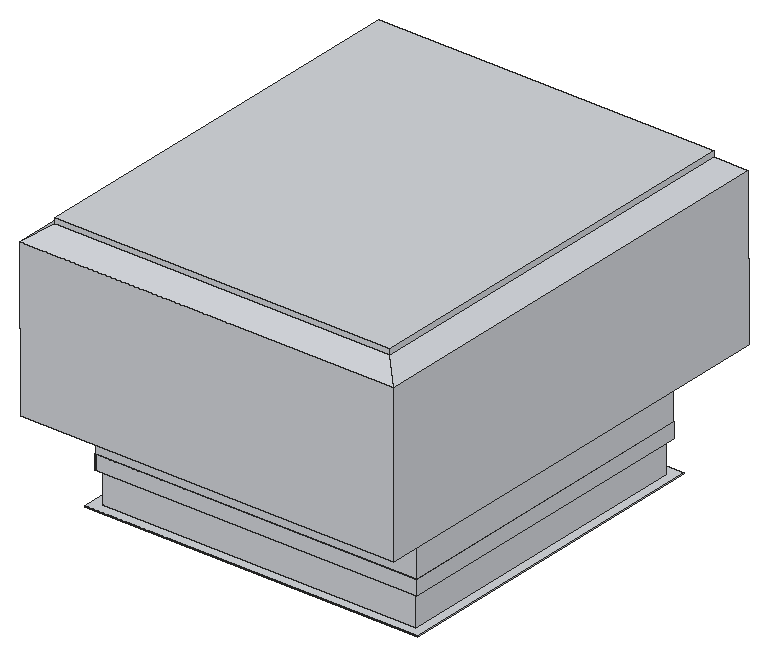
Revit family "TLC-B", category Mechanical Equipment, Revit 2019
Family settings
  Round Connector Dimension = Use Diameter
  Part Type = Normal
  Work Plane-Based = No
  Always vertical = Yes
  Cut with Voids When Loaded = No
  Shared = No
  Room Calculation Point = No
Parameters (values of type "540_TLC-B")
  Unit Weight [instance] = ""
  Sones [instance] = ""
  RO/2 = RO / 2  # 2' - 6 3/4"
  Motor RPM [instance] = ""
  Motor Enclosure [instance] = ""
  ModelID [instance] = ""
  LwA [instance] = ""
  CURB_HEIGHT [instance] = 0' - 9 1/2"
  CURB [instance] = yes
  C/2 = C / 2  # 3' - 2 1/2"
  D/2 = D / 2  # 3' - 9 5/8"
  RO = T_SQ - 0' 4 1/2"  # 5' - 1 1/2"
  T_SQ/2 = T_SQ / 2  # 2' - 9"
  Fan RPM [instance] = ""
  T_SQ = 5' - 6"
  C = 6' - 5"
  D = 7' - 7 1/4"
  B/2 = B / 2  # 0' - 6 13/16"
  B = 1' - 1 5/8"
  Brake Hp [instance] = ""
  G/2 = G / 2  # 0' - 1 1/2"
  G-.125" = G - 0' 0 1/8"  # 0' - 2 7/8"
  B-G = B - G  # 0' - 10 5/8"
  Accessories [instance] = ""
  A-B = A - B  # 3' - 0 1/8"
  G = 0' - 3"
  A/2 = A / 2  # 2' - 0 7/8"
  A-1.5" = A - 0' 1 1/2"  # 4' - 0 1/4"
  A = 4' - 1 3/4"
  4" = 0' - 4"  # constant formula
  2' = 2' - 0"
  2" = 0' - 2"  # constant formula
  1" = 0' - 1"  # constant formula
  0 = 0' - 0"  # constant formula
  Voltage [instance] = 0 V
  URL = "www.lorencook.com"
  Type Comments = "Tiered Low-Contour Downblast Centrifugal Exhauswt Ventilator Roof Mounted/Belt Drive"  # constant formula
  Static Pressure [instance] = 0.00 in-wg
  Power [instance] = Voltage * Motor FLA * sqrt(if(Phase = 3, 3, 1))  # 0 VA
  Phase [instance] = 0
  Number of Poles [instance] = 1
  Motor Hp [instance] = "0"
  Motor FLA [instance] = 0 A
  Model = "TLC-B"  # constant formula
  Manufacturer = "Loren Cook Company"
  CFM [instance] = 0 CFM
  1.5 = 0' - 1 1/2"  # constant formula
  ONE EIGTH = 0' - 0 1/8"  # constant formula
  -D/2 = -D / 2  # -3' - 9 5/8"
  -(B/2) = -(B / 2)  # -0' - 6 13/16"
  -(A/2) = -(A / 2)  # -2' - 0 7/8"
  (T_SQ/2)-2" = (T_SQ / 2) - 0' 2"  # 2' - 7"
  (T_SQ/2)+.125" = (T_SQ / 2) + 0' 0 1/8"  # 2' - 9 1/8"
  (A-B)/2 = (A - B) / 2  # 1' - 6 1/16"
Types (19): name | RO/2 | CURB | C/2 | D/2 | RO | T_SQ/2 | T_SQ | C | D | B/2 | B | G/2 | G-.125" | B-G | A-B | G | A/2 | A-1.5" | A | -D/2 | -(B/2) | -(A/2) | (T_SQ/2)-2" | (T_SQ/2)+.125" | (A-B)/2
  (no name) | 2' - 6 3/4" | yes | 3' - 2 1/2" | 3' - 9 5/8" | 5' - 1 1/2" | 2' - 9" | 5' - 6" | 6' - 5" | 7' - 7 1/4" | 0' - 6 13/16" | 1' - 1 5/8" | 0' - 1 1/2" | 0' - 2 7/8" | 0' - 10 5/8" | 3' - 0 1/8" | 0' - 3" | 2' - 0 7/8" | 4' - 0 1/4" | 4' - 1 3/4" | -3' - 9 5/8" | -0' - 6 13/16" | -2' - 0 7/8" | 2' - 7" | 2' - 9 1/8" | 1' - 6 1/16"
  100_TLC-B | 0' - 6 3/4" | yes | 1' - 1 3/4" | 1' - 6 1/8" | 1' - 1 1/2" | 0' - 9" | 1' - 6" | 2' - 3 1/2" | 3' - 0 1/4" | 0' - 2 5/8" | 0' - 5 1/4" | 0' - 1" | 0' - 1 7/8" | 0' - 3 1/4" | 1' - 0 5/8" | 0' - 2" | 0' - 8 15/16" | 1' - 4 3/8" | 1' - 5 7/8" | -1' - 6 1/8" | -0' - 2 5/8" | -0' - 8 15/16" | 0' - 7" | 0' - 9 1/8" | 0' - 6 5/16"
  120_TLC-B | 0' - 7 3/4" | yes | 1' - 2 3/4" | 1' - 6 5/8" | 1' - 3 1/2" | 0' - 10" | 1' - 8" | 2' - 5 1/2" | 3' - 1 1/4" | 0' - 2 15/16" | 0' - 5 7/8" | 0' - 1" | 0' - 1 7/8" | 0' - 3 7/8" | 1' - 4 5/8" | 0' - 2" | 0' - 11 1/4" | 1' - 9" | 1' - 10 1/2" | -1' - 6 5/8" | -0' - 2 15/16" | -0' - 11 1/4" | 0' - 8" | 0' - 10 1/8" | 0' - 8 5/16"
  135_TLC-B | 0' - 7 3/4" | yes | 1' - 2 3/4" | 1' - 6 5/8" | 1' - 3 1/2" | 0' - 10" | 1' - 8" | 2' - 5 1/2" | 3' - 1 1/4" | 0' - 2 15/16" | 0' - 5 7/8" | 0' - 1" | 0' - 1 7/8" | 0' - 3 7/8" | 1' - 4 7/8" | 0' - 2" | 0' - 11 3/8" | 1' - 9 1/4" | 1' - 10 3/4" | -1' - 6 5/8" | -0' - 2 15/16" | -0' - 11 3/8" | 0' - 8" | 0' - 10 1/8" | 0' - 8 7/16"
  150_TLC-B | 0' - 9 3/4" | yes | 1' - 4 3/4" | 1' - 9 1/8" | 1' - 7 1/2" | 1' - 0" | 2' - 0" | 2' - 9 1/2" | 3' - 6 1/4" | 0' - 3 11/16" | 0' - 7 3/8" | 0' - 1" | 0' - 1 7/8" | 0' - 5 3/8" | 1' - 4 1/2" | 0' - 2" | 0' - 11 15/16" | 1' - 10 3/8" | 1' - 11 7/8" | -1' - 9 1/8" | -0' - 3 11/16" | -0' - 11 15/16" | 0' - 10" | 1' - 0 1/8" | 0' - 8 1/4"
  165_TLC-B | 0' - 9 3/4" | yes | 1' - 4 3/4" | 1' - 9 1/8" | 1' - 7 1/2" | 1' - 0" | 2' - 0" | 2' - 9 1/2" | 3' - 6 1/4" | 0' - 3 11/16" | 0' - 7 3/8" | 0' - 1" | 0' - 1 7/8" | 0' - 5 3/8" | 1' - 4 5/8" | 0' - 2" | 1' - 0" | 1' - 10 1/2" | 2' - 0" | -1' - 9 1/8" | -0' - 3 11/16" | -1' - 0" | 0' - 10" | 1' - 0 1/8" | 0' - 8 5/16"
  180_TLC-B | 1' - 0 3/4" | yes | 1' - 7 13/16" | 2' - 1 3/4" | 2' - 1 1/2" | 1' - 3" | 2' - 6" | 3' - 3 5/8" | 4' - 3 1/2" | 0' - 4 1/8" | 0' - 8 1/4" | 0' - 1 1/2" | 0' - 2 7/8" | 0' - 5 1/4" | 1' - 8 1/8" | 0' - 3" | 1' - 2 3/16" | 2' - 2 7/8" | 2' - 4 3/8" | -2' - 1 3/4" | -0' - 4 1/8" | -1' - 2 3/16" | 1' - 1" | 1' - 3 1/8" | 0' - 10 1/16"
  195_TLC-B | 1' - 0 3/4" | yes | 1' - 7 13/16" | 2' - 1 3/4" | 2' - 1 1/2" | 1' - 3" | 2' - 6" | 3' - 3 5/8" | 4' - 3 1/2" | 0' - 4 5/8" | 0' - 9 1/4" | 0' - 1 1/2" | 0' - 2 7/8" | 0' - 6 1/4" | 1' - 7 7/8" | 0' - 3" | 1' - 2 9/16" | 2' - 3 5/8" | 2' - 5 1/8" | -2' - 1 3/4" | -0' - 4 5/8" | -1' - 2 9/16" | 1' - 1" | 1' - 3 1/8" | 0' - 9 15/16"
  210_TLC-B | 1' - 0 3/4" | yes | 1' - 7 13/16" | 2' - 1 3/4" | 2' - 1 1/2" | 1' - 3" | 2' - 6" | 3' - 3 5/8" | 4' - 3 1/2" | 0' - 4 5/8" | 0' - 9 1/4" | 0' - 1 1/2" | 0' - 2 7/8" | 0' - 6 1/4" | 1' - 8 1/8" | 0' - 3" | 1' - 2 11/16" | 2' - 3 7/8" | 2' - 5 3/8" | -2' - 1 3/4" | -0' - 4 5/8" | -1' - 2 11/16" | 1' - 1" | 1' - 3 1/8" | 0' - 10 1/16"
  225_TLC-B | 1' - 0 3/4" | yes | 1' - 7 13/16" | 2' - 1 3/4" | 2' - 1 1/2" | 1' - 3" | 2' - 6" | 3' - 3 5/8" | 4' - 3 1/2" | 0' - 5" | 0' - 10" | 0' - 1 1/2" | 0' - 2 7/8" | 0' - 7" | 1' - 8 1/8" | 0' - 3" | 1' - 3 1/16" | 2' - 4 5/8" | 2' - 6 1/8" | -2' - 1 3/4" | -0' - 5" | -1' - 3 1/16" | 1' - 1" | 1' - 3 1/8" | 0' - 10 1/16"
  245_TLC-B | 1' - 0 3/4" | yes | 1' - 7 13/16" | 2' - 1 3/4" | 2' - 1 1/2" | 1' - 3" | 2' - 6" | 3' - 3 5/8" | 4' - 3 1/2" | 0' - 5 5/16" | 0' - 10 5/8" | 0' - 1 1/2" | 0' - 2 7/8" | 0' - 7 5/8" | 1' - 8 1/8" | 0' - 3" | 1' - 3 3/8" | 2' - 5 1/4" | 2' - 6 3/4" | -2' - 1 3/4" | -0' - 5 5/16" | -1' - 3 3/8" | 1' - 1" | 1' - 3 1/8" | 0' - 10 1/16"
  270_TLC-B | 1' - 3 3/4" | yes | 1' - 10 15/16" | 2' - 6 1/8" | 2' - 7 1/2" | 1' - 6" | 3' - 0" | 3' - 9 7/8" | 5' - 0 1/4" | 0' - 5 1/2" | 0' - 11" | 0' - 1 1/2" | 0' - 2 7/8" | 0' - 8" | 1' - 11 5/8" | 0' - 3" | 1' - 5 5/16" | 2' - 9 1/8" | 2' - 10 5/8" | -2' - 6 1/8" | -0' - 5 1/2" | -1' - 5 5/16" | 1' - 4" | 1' - 6 1/8" | 0' - 11 13/16"
  300_TLC-B | 1' - 3 3/4" | no | 1' - 10 15/16" | 2' - 6 1/8" | 2' - 7 1/2" | 1' - 6" | 3' - 0" | 3' - 9 7/8" | 5' - 0 1/4" | 0' - 6 1/16" | 1' - 0 1/8" | 0' - 1 1/2" | 0' - 2 7/8" | 0' - 9 1/8" | 1' - 11 5/8" | 0' - 3" | 1' - 5 7/8" | 2' - 10 1/4" | 2' - 11 3/4" | -2' - 6 1/8" | -0' - 6 1/16" | -1' - 5 7/8" | 1' - 4" | 1' - 6 1/8" | 0' - 11 13/16"
  330_TLC-B | 1' - 6 3/4" | yes | 2' - 2 1/2" | 2' - 9 1/8" | 3' - 1 1/2" | 1' - 9" | 3' - 6" | 4' - 5" | 5' - 6 1/4" | 0' - 6 9/16" | 1' - 1 1/8" | 0' - 1 1/2" | 0' - 2 7/8" | 0' - 10 1/8" | 2' - 3 1/8" | 0' - 3" | 1' - 8 1/8" | 3' - 2 3/4" | 3' - 4 1/4" | -2' - 9 1/8" | -0' - 6 9/16" | -1' - 8 1/8" | 1' - 7" | 1' - 9 1/8" | 1' - 1 9/16"
  365_TLC-B | 1' - 6 3/4" | yes | 2' - 2 1/2" | 2' - 9 1/8" | 3' - 1 1/2" | 1' - 9" | 3' - 6" | 4' - 5" | 5' - 6 1/4" | 0' - 7" | 1' - 2" | 0' - 1 1/2" | 0' - 2 7/8" | 0' - 11" | 2' - 3 1/8" | 0' - 3" | 1' - 8 9/16" | 3' - 3 5/8" | 3' - 5 1/8" | -2' - 9 1/8" | -0' - 7" | -1' - 8 9/16" | 1' - 7" | 1' - 9 1/8" | 1' - 1 9/16"
  402_TLC-B | 1' - 9 3/4" | yes | 2' - 5 1/2" | 3' - 0 5/8" | 3' - 7 1/2" | 2' - 0" | 4' - 0" | 4' - 11" | 6' - 1 1/4" | 0' - 7 1/8" | 1' - 2 1/4" | 0' - 1 1/2" | 0' - 2 7/8" | 0' - 11 1/4" | 2' - 10 1/8" | 0' - 3" | 2' - 0 3/16" | 3' - 10 7/8" | 4' - 0 3/8" | -3' - 0 5/8" | -0' - 7 1/8" | -2' - 0 3/16" | 1' - 10" | 2' - 0 1/8" | 1' - 5 1/16"
  445_TLC-B | 2' - 0 3/4" | yes | 2' - 8 1/2" | 3' - 3 5/8" | 4' - 1 1/2" | 2' - 3" | 4' - 6" | 5' - 5" | 6' - 7 1/4" | 0' - 8 1/4" | 1' - 4 1/2" | 0' - 1 1/2" | 0' - 2 7/8" | 1' - 1 1/2" | 2' - 9 1/8" | 0' - 3" | 2' - 0 13/16" | 4' - 0 1/8" | 4' - 1 5/8" | -3' - 3 5/8" | -0' - 8 1/4" | -2' - 0 13/16" | 2' - 1" | 2' - 3 1/8" | 1' - 4 9/16"
  490_TLC-B | 2' - 0 3/4" | yes | 2' - 8 1/2" | 3' - 3 5/8" | 4' - 1 1/2" | 2' - 3" | 4' - 6" | 5' - 5" | 6' - 7 1/4" | 0' - 9" | 1' - 6" | 0' - 1 1/2" | 0' - 2 7/8" | 1' - 3" | 2' - 9 1/8" | 0' - 3" | 2' - 1 9/16" | 4' - 1 5/8" | 4' - 3 1/8" | -3' - 3 5/8" | -0' - 9" | -2' - 1 9/16" | 2' - 1" | 2' - 3 1/8" | 1' - 4 9/16"
  540_TLC-B | 2' - 6 3/4" | yes | 3' - 2 1/2" | 3' - 9 5/8" | 5' - 1 1/2" | 2' - 9" | 5' - 6" | 6' - 5" | 7' - 7 1/4" | 0' - 6 13/16" | 1' - 1 5/8" | 0' - 1 1/2" | 0' - 2 7/8" | 0' - 10 5/8" | 3' - 0 1/8" | 0' - 3" | 2' - 0 7/8" | 4' - 0 1/4" | 4' - 1 3/4" | -3' - 9 5/8" | -0' - 6 13/16" | -2' - 0 7/8" | 2' - 7" | 2' - 9 1/8" | 1' - 6 1/16"
Reference planes (in)
  plane 1 "Center (Front/Back)": y = 0
  plane 2: z = 0
  plane 3 "Center (Left/Right)": x = 0.40541
Forms (in)
  Extrusion 1, solid
    sketch origin (0, 0, 0) x (1, 0, 0) y (0, 1, 0)
      loop
        line (-32.71959, 33.125) -> (-32.71959, -33.125) -> (33.53041, -33.125) -> (33.53041, 33.125) -> (-32.71959, 33.125)
    from 0 to 3 <- "G"
  Extrusion 2, void
    sketch origin (0, 0, 0) x (1, 0, 0) y (0, 1, 0)
      loop
        line (-32.59459, 33) -> (-32.59459, -33) -> (33.40541, -33) -> (33.40541, 33) -> (-32.59459, 33)
    from 0 to 2.875 <- "G-.125""
  Revolve 3, solid
    sketch origin (0, 0, 0) x (1, 0, 0) y (0, 0, 1)
      loop
        line (0.40541, 3) -> (31.40541, 3)
        arc (31.40541, 3) -> (26.09291, 8.3125) -> (31.40541, 13.625) r 5.3125
        line (31.40541, 13.625) -> (0.40541, 13.625) -> (0.40541, 3)
      axis (0.40541, 13.625) -> (0.40541, 3)
    angle from 0 to 360
  Extrusion 4, solid
    sketch origin (0, 0, 0) x (1, 0, 0) y (0, 0, 1)
      loop
        line (-38.09459, 13.625) -> (38.90541, 13.625) -> (38.90541, 49.75) -> (-38.09459, 49.75) -> (-38.09459, 13.625)
    from -45.625 <- "-D/2" to 45.625 <- "D/2"
  Extrusion 5, solid
    sketch origin (0, 0, 0) x (1, 0, 0) y (0, 1, 0)
      loop
        line (-32.59459, 33) -> (-32.59459, -33) -> (33.40541, -33) -> (33.40541, 33) -> (-32.59459, 33)
    from 3 <- "G" to 13.625 <- "B"
  Sweep 6, void
    path origin (0, 0, 0) x (1, 0, 0) y (0, 1, 0)
      loop
        line (-38.09459, 45.625) -> (-38.09459, -45.625) -> (38.90541, -45.625) -> (38.90541, 45.625) -> (-38.09459, 45.625)
    profile origin (0.40541, 45.625, 0) x (0, 1, 0) y (0, 0, 1)
      loop
        line (0, 49.75) -> (-4, 49.75) -> (-4, 48.75) -> (0, 45.75) -> (0, 49.75)
  Extrusion 7, solid, visible <- "CURB"
    sketch origin (0, 0, 2.875) x (0, 1, 0) y (1, 0, 0)
      loop
        line (32.25, -31.84459) -> (32.25, 32.65541) -> (-32.25, 32.65541) -> (-32.25, -31.84459) -> (32.25, -31.84459)
      loop
        line (-30.75, 31.15541) -> (-30.75, -30.34459) -> (30.75, -30.34459) -> (30.75, 31.15541) -> (-30.75, 31.15541)
    from 0 to 9.5 <- "CURB_HEIGHT"
  Extrusion 8, solid, visible <- "CURB"
    sketch origin (0, 0, -6.625) x (-1, 0, 0) y (0, 1, 0)
      loop
        line (33.84459, -34.25) -> (33.84459, 34.25) -> (-34.65541, 34.25) -> (-34.65541, -34.25) -> (33.84459, -34.25)
      loop
        line (-32.65541, 32.25) -> (-32.65541, -32.25) -> (31.84459, -32.25) -> (31.84459, 32.25) -> (-32.65541, 32.25)
    from 0 to -0.125
Cuts and joins
  Extrusion 2 cuts Extrusion 1
  Sweep 6 cuts Extrusion 4
Dimensions and locks (in)
  "(T_SQ/2)+.125"": Extrusion 1 sketch curve to plane 3 "Center (Left/Right)"
  "(T_SQ/2)+.125"": plane 3 "Center (Left/Right)" to Extrusion 1 sketch curve
  "(T_SQ/2)+.125"": plane 1 "Center (Front/Back)" to Extrusion 1 sketch curve
  "(T_SQ/2)+.125"": Extrusion 1 sketch curve to plane 1 "Center (Front/Back)"
  "T_SQ/2": Extrusion 2 sketch curve to plane 3 "Center (Left/Right)"
  "T_SQ/2": plane 3 "Center (Left/Right)" to Extrusion 2 sketch curve
  "T_SQ/2": plane 1 "Center (Front/Back)" to Extrusion 2 sketch curve
  "T_SQ/2": Extrusion 2 sketch curve to plane 1 "Center (Front/Back)"
  "B-G": Revolve 3 sketch curve to cut or joined group of Extrusion 1, Extrusion 2
  "(T_SQ/2)-2"": Revolve 3 sketch curve to plane 3 "Center (Left/Right)"
  "0": Revolve 3 sketch curve to plane 3 "Center (Left/Right)"  (x2)
  "0": Revolve 3 sketch curve to cut or joined group of Extrusion 1, Extrusion 2
  "A": Extrusion 4 sketch curve to level
  "0": Extrusion 4 sketch curve to Revolve 3
  "C/2": Extrusion 4 sketch curve to plane 3 "Center (Left/Right)"  (x2)
  "T_SQ/2": Extrusion 5 sketch curve to plane 3 "Center (Left/Right)"
  "T_SQ/2": plane 3 "Center (Left/Right)" to Extrusion 5 sketch curve
  "T_SQ/2": plane 1 "Center (Front/Back)" to Extrusion 5 sketch curve
  "T_SQ/2": Extrusion 5 sketch curve to plane 1 "Center (Front/Back)"
  "0": Sweep 6 sketch curve to Extrusion 4  (x4)
  "0": Extrusion 4 to Sweep 6 sketch curve  (x2)
  "4"": Extrusion 4 to Sweep 6 sketch curve  (x2)
  "1"": Extrusion 4 to Sweep 6 sketch curve
  "1.5": Extrusion 7 sketch curve to Extrusion 7 sketch curve  (x4)
  "RO/2": plane 1 "Center (Front/Back)" to Extrusion 7 sketch curve  (x2)
  "RO/2": plane 3 "Center (Left/Right)" to Extrusion 7 sketch curve
  "RO/2": Extrusion 7 sketch curve to plane 3 "Center (Left/Right)"
  "2"": Extrusion 8 sketch curve to Extrusion 8 sketch curve  (x4)
  "0": Extrusion 8 sketch curve to Extrusion 7  (x3)
  "0": Extrusion 7 to Extrusion 8 sketch curve
Automatic sketch dimensions
  Revolve 3 sketch curve to level = 0' - 4"
  Revolve 3 sketch curve to Revolve 3 sketch curve = 0' - 0"
Connectors (in)
  hvac at (0.40541, 0, 2.875), driven by "RO", driven by "RO", driven by "CFM"
    settings: on cut or joined group of Extrusion 1, Extrusion 2, index 1, duct flow 0 CFM, flow factor 0, pres drop 0.00 in-wg, loss coef 0, conn angle 0.00°, conn width 61 1/2", conn height 61 1/2", conn diameter 24", duct sys type 1, conn prof type 1, flow config 0, flow direction 1, loss method 0, conn ref index -1, conn util no, is conn primary yes, conn desc ""
  electrical at (0.40541, 0, 2.875)
    settings: on cut or joined group of Extrusion 1, Extrusion 2, index 2, voltage 0 V, apparent load 0 VA, apparent load phase1 0 VA, apparent load phase2 0 VA, apparent load phase3 0 VA, power factor 1, load classification "Other", number of poles 1, system type 30, power factor state 1, is connector primary yes, connector utility no, sub classification motor no, connector description ""
